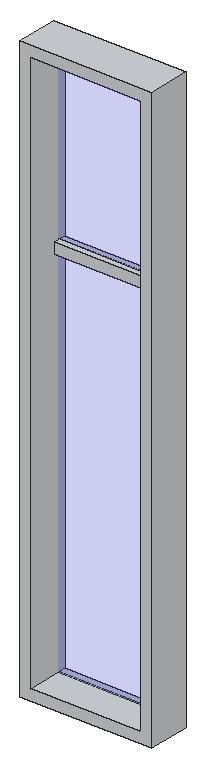
Revit family "0.47x2.10_WCWindow", category Windows, host Wall, Revit 2021
Family settings
  Host = Wall
  Always vertical = Yes
  Cut with Voids When Loaded = No
  Shared = No
  Room Calculation Point = No
Parameters (values of type "24"w x 78"h")
  Window Width [instance] = 0.47 m
  Window Height [instance] = 2.10 m
  Wall Closure = By host
  Bottom Pane Height = 1.3881 m
  Height = 2.10 m
  Default Sill Height = 0.6096 m
  Width = 0.47 m
  Window Inset = 0.00635 m
Types (2, lengths in m): name | Bottom Pane Height | Height | Width
  (no name) | 0.346075 | 1.9812 | 0.6096
  24"w x 78"h | 1.3881 | 2.10 | 0.47
Reference planes (m)
  plane 1: y = 0
  plane 2: z = 0
  plane 3 "Center": x = -0.4572
  plane 4 "Left": x = -0.6922
  plane 5 "Right": x = -0.2222
  plane 6 "Sill": z = 0.6096
  plane 7 "Top": z = 2.7096
  plane 8: z = 1.9977
  plane 9: y = 0.0762
  plane 10: y = -0.0762
  plane 11: y = 0.06985
  plane 12: y = 0.0254
  plane 13: y = 0.0508
  plane 14: y = 0.04445
Forms (m)
  Extrusion 1, solid
    sketch origin (0, 0.0889, 0) x (0, 0, -1) y (1, 0, 0)
      loop
        line (-2.7096, -0.2222) -> (-2.7096, -0.6922) -> (-0.6096, -0.6922) -> (-0.6096, -0.2222) -> (-2.7096, -0.2222)
      loop
        line (-2.6715, -0.2603) -> (-2.6715, -0.6541) -> (-0.6477, -0.6541) -> (-0.6477, -0.2603) -> (-2.6715, -0.2603)
    from 0.0127 to 0.1651
  Extrusion 2, solid
    sketch origin (0.2413, 0.08255, 0.0127) x (0, 0, 1) y (1, 0, 0)
      loop
        line (2.0231, -0.5016) -> (1.985, -0.5016) -> (1.985, -0.8954) -> (2.0231, -0.8954) -> (2.0231, -0.5016)
    from -0.05715 to -0.0127
  Extrusion 3, solid
    sketch origin (0, 0.0762, 0) x (0, 0, 1) y (1, 0, 0)
      loop
        line (0.6477, -0.2603) -> (0.6477, -0.6541) -> (1.9977, -0.6541) -> (1.9977, -0.2603) -> (0.6477, -0.2603)
      loop
        line (2.0358, -0.2603) -> (2.0358, -0.6541) -> (2.6715, -0.6541) -> (2.6715, -0.2603) -> (2.0358, -0.2603)
    from -0.031727 to -0.0254
Lines and regions (m)
  Opening 1
    outline origin (-1.524, -0.0762, 0) x (1, 0, 0) y (0, 0, 1)
      loop
        line (1.3018, 2.7096) -> (0.8318, 2.7096) -> (0.8318, 0.6096) -> (1.3018, 0.6096) -> (1.3018, 2.7096)
  symbolic lines, style "WindowsFrameMullionProjection"
    curve 1: line (-0.6922, 0.0762, 0) -> (-0.6541, 0.0762, 0)
    curve 2: line (-0.6541, 0.0762, 0) -> (-0.6541, -0.0762, 0)
    curve 3: line (-0.6541, -0.0762, 0) -> (-0.6922, -0.0762, 0)
    curve 4: line (-0.2222, 0.0762, 0) -> (-0.2603, 0.0762, 0)
    curve 5: line (-0.2603, 0.0762, 0) -> (-0.2603, -0.0762, 0)
    curve 6: line (-0.2603, -0.0762, 0) -> (-0.2222, -0.0762, 0)
  symbolic lines, style "WindowsGlassProjection"
    curve 7: line (-0.2603, 0.047625, 0) -> (-0.6541, 0.047625, 0)
Text (m)
  text "EXTERIOR" at (-1.490695, 0.998726, 0), in view "Ref. Level"
  text "INTERIOR" at (-1.490695, -0.813818, 0), in view "Ref. Level"
  text "Exterior" at (0, 1.10887, 3.129179), in view "Left"
  text "Exterior" at (0, 0.464664, 3.176206), in view "Right"
Dimensions and locks (m)
  equal spacing: plane 4 "Left", plane 3 "Center", plane 5 "Right"
  "Window Width": plane 4 "Left" to plane 5 "Right"
  "Window Height": plane 6 "Sill" to plane 7 "Top"
  locked: plane 9 to host wall
  locked: plane 10 to host wall
  "Bottom Pane Height": plane 6 "Sill" to plane 8
  "Window Inset": plane 11 to plane 9
  locked: plane 12 to plane 11 at 0.04445
  locked: plane 13 to plane 11 at 0.01905
  locked: plane 12 to plane 14 at 0.01905
  "Default Sill Height": plane 2 to plane 6 "Sill"
  locked: plane 2 to host wall
  aligned and locked: host wall to Extrusion 1  (x2)
  aligned and locked: plane 12 to Extrusion 2
  aligned and locked: Extrusion 2 to plane 11
  aligned and locked: Extrusion 3 to plane 13
Automatic sketch dimensions
  Extrusion 1 sketch curve to plane 4 "Left" = 0.00 m
  Extrusion 1 sketch curve to plane 7 "Top" = 0.00 m
  Extrusion 1 sketch curve to plane 6 "Sill" = 0.00 m
  Extrusion 1 sketch curve to plane 5 "Right" = 0.00 m
  Extrusion 1 sketch curve to Extrusion 1 sketch curve = 0.0381 m  (x2)
  Extrusion 1 sketch curve to plane 4 "Left" = 0.0381 m
  plane 5 "Right" to Extrusion 1 sketch curve = 0.0381 m
  curve 3 to host wall = 0.00 m
  curve 3 to plane 4 "Left" = 0.00 m
  curve 1 to host wall = 0.00 m
  curve 1 to plane 4 "Left" = 0.00 m
  curve 6 to host wall = 0.00 m
  curve 4 to host wall = 0.00 m
  curve 4 to plane 5 "Right" = 0.00 m
  curve 6 to plane 5 "Right" = 0.00 m
  curve 3 to curve 2 = 0.0381 m
  curve 6 to curve 6 = 0.0381 m
  plane 13 to curve 7 = 0.003175 m
  Opening 1 sketch curve to plane 4 "Left" = 0.00 m
  Opening 1 sketch curve to plane 5 "Right" = 0.00 m
  Opening 1 sketch curve to plane 6 "Sill" = 0.00 m
  Opening 1 sketch curve to plane 7 "Top" = 0.00 m
  plane 8 to Extrusion 2 sketch curve = 0.00 m
  Extrusion 2 sketch curve to Extrusion 2 sketch curve = 0.0381 m
  Extrusion 2 sketch curve to plane 4 "Left" = 0.0381 m
  plane 5 "Right" to Extrusion 2 sketch curve = 0.0381 m
  Extrusion 3 sketch curve to plane 8 = 0.00 m
  plane 5 "Right" to Extrusion 3 sketch curve = 0.0381 m  (x2)
  Extrusion 3 sketch curve to plane 6 "Sill" = 0.0381 m
  Extrusion 3 sketch curve to Extrusion 3 sketch curve = 0.0381 m
  plane 7 "Top" to Extrusion 3 sketch curve = 0.0381 m
  Extrusion 3 sketch curve to plane 4 "Left" = 0.0381 m  (x2)
